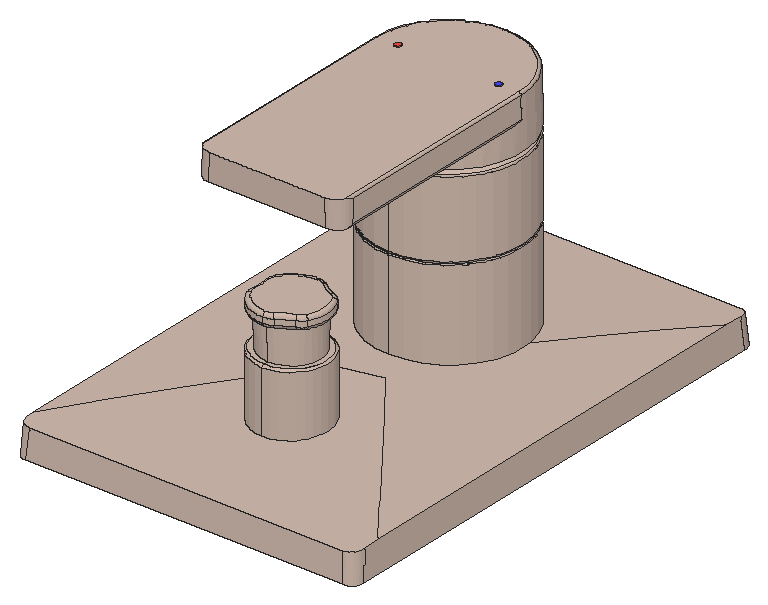
Revit family "Shower-Valve_Trim-KOHLER-Composed-K-73100IN", category Specialty Equipment, host Face, Revit 2017
Family settings
  Host = Face
  Round Connector Dimension = Use Diameter
  Part Type = Normal
  OmniClass Number = 23.31.25.00
  OmniClass Title = Toilet and Bath Specialties
  Cut with Voids When Loaded = No
  Shared = No
  Room Calculation Point = No
Parameters (values of type "RGD- Poilshed rose gold")
  Width = 4 115/256"  # constant formula
  WaterSense Certified = 1 = 0  # no
  URL = "https://www.kohler.co.in/"
  Type = 3
  Product Page URL = "https://www.kohler.co.in/product-detail/73100in-4?skuid=K-73100IN-4-CP"
  Product Name = "Composed"  # constant formula
  Product Documentation Link = "http://resources.kohler.com/plumbing/kohlerindia/pdf/73100.pdf"
  Model = if(Type = 1, "K-73100IN-4-BN", if(Type = 2, "K-73100IN-4-BV", if(Type = 3, "K-73100IN-4-RGD", if(Type = 4, "K-73100IN-4-CP", "NA"))))  # "K-73100IN-4-RGD"
  Material = "Metal construction"  # constant formula
  Master Format 2014 Name = "Toilet, Bath, and Laundry Accessories"  # constant formula
  Master Format 2014 = "10 28 00"  # constant formula
  Manufacturer Address = "Ambience Office Tower NH-8 Gurgaon / Gurugram Haryana , 122001\r\n"  # constant formula
  Manufacturer = "KOHLER Co."  # constant formula
  Length = 3 119/256"  # constant formula
  Height = 6 137/256"  # constant formula
  Finish = Kohler-Metal-RGD-Polished_Rose_Gold
  Environmental Product Declaration = ""
  Description = "40MM RECESSED BATH SHOWER TRIM"  # constant formula
  Default Elevation = 42"
  Declare Label = ""
  Date Modified = "10/13/2020"  # constant formula
  Date Created = "10/13/2020"  # constant formula
  Copyright = "Copyright KOHLER Co."  # constant formula
  Contact Us = "https://www.us.kohler.com/us/static/contact.jsp"
  Assembly Code = "C1030200"
  ADA Compliant = 1 = 0  # no
Types (5): name | Type | Product Page URL | Model | Finish
  (no name) | 3 | "https://www.kohler.co.in/product-detail/73100in-4?skuid=K-73100IN-4-CP" | "K-73100IN-4-RGD" | Kohler-Metal-RGD-Polished_Rose_Gold
  CP- Polished chrome | 4 | "https://www.kohler.co.in/product-detail/73100in-4?skuid=K-73100IN-4-CP" | "K-73100IN-4-CP" | Kohler-Metal-CP-Polished_Chrome
  BN- Vibrant brushed nickel | 1 | "https://www.kohler.co.in/product-detail/73100in-4?skuid=K-73100IN-4-BN" | "K-73100IN-4-BN" | Kohler-Metal-BN-Vibrant_Brushed_Nickel
  BV- Brushed bronze | 2 | "" | "K-73100IN-4-BV" | Kohler-Metal-BV-Brushed_Bronze
  RGD- Poilshed rose gold | 3 | "https://www.kohler.co.in/product-detail/73100in-4?skuid=K-73100IN-4-CP" | "K-73100IN-4-RGD" | Kohler-Metal-RGD-Polished_Rose_Gold
Reference planes (in)
  plane 1 "Center (Front/Back)": y = 0
  plane 2: z = 0
  plane 3 "Center (Left/Right)": x = 0
  plane 4: x = 2.22441
  plane 5: y = 3.26772
  plane 6: y = -3.26744
  plane 7: x = -2.22481
  plane 8: y = 1.04331
  plane 9: y = -1.90945
  plane 10: y = -1.51575
  plane 11: z = 3.46484
Dimensions and locks (in)
  "Width": plane 7 to plane 4
  locked: plane 8 to plane 9 at 2.95276
  locked: plane 8 to plane 10 at 2.55906
  "Height": plane 6 to plane 5
  "Length": level to plane 11
  aligned and locked: plane 2 to host face
  aligned and locked: level to host face
  aligned and locked: plane 1 "Center (Front/Back)" to nested 1
  aligned and locked: plane 3 "Center (Left/Right)" to nested 1
  aligned and locked: plane 4 to nested 1
  aligned and locked: plane 5 to nested 1
  aligned and locked: plane 7 to nested 1
  aligned and locked: plane 8 to nested 1
  aligned and locked: plane 9 to nested 1
  aligned and locked: plane 10 to nested 1
  aligned and locked: plane 11 to nested 1
  aligned and locked: plane 6 to nested 1
Automatic sketch dimensions
  host sketch curve to host sketch curve = 96"  (x2)
Nested families (in)
  nested 1: "K-73100IN" at (0, 0, 0.00028), type "K-73100IN"
Definition of nested family "K-73100IN"
  Parameters (values of type "K-73100IN")
    Material = none
  Reference planes (in)
    plane 1 "Center (Front/Back)": y = 0
    plane 2: z = 0
    plane 3 "Center (Left/Right)": x = 0
    plane 4: y = 3.26772
    plane 5: x = 2.22441
    plane 6: x = -2.22441
    plane 7: y = -3.26772
    plane 8: y = 1.04331
    plane 9: z = 3.46457
    plane 10: y = -1.90945
    plane 11: y = -1.51575
  Forms (in)
    SweptBlend 1, solid, material <- "Material", detail levels medium+fine
      path origin (0, 0, 0) x (0, 1, 0) y (0, 0, 1)
        loop
          line (0, 0) -> (0, 0.59055)
      profile origin (0, 0, 0) x (0, -1, 0) y (1, 0, 0)
        loop
          arc (-3.26772, -2.06693) -> (-3.22159, -2.17828) -> (-3.11024, -2.22441) r 0.15748
          line (-3.11024, -2.22441) -> (3.11024, -2.22441)
          arc (3.11024, -2.22441) -> (3.22159, -2.17828) -> (3.26772, -2.06693) r 0.15748
          line (3.26772, -2.06693) -> (3.26772, 2.06693)
          arc (3.26772, 2.06693) -> (3.22159, 2.17828) -> (3.11024, 2.22441) r 0.15748
          line (3.11024, 2.22441) -> (-3.11024, 2.22441)
          arc (-3.11024, 2.22441) -> (-3.22159, 2.17828) -> (-3.26772, 2.06693) r 0.15748
          line (-3.26772, 2.06693) -> (-3.26772, -2.06693)
      end profile origin (0, 0, 0.59055) x (0, -1, 0) y (1, 0, 0)
        loop
          arc (-3.216, -2.03421) -> (-3.1706, -2.14381) -> (-3.06101, -2.1892) r 0.15499
          line (-3.06101, -2.1892) -> (3.06101, -2.1892)
          arc (3.06101, -2.1892) -> (3.1706, -2.14381) -> (3.216, -2.03421) r 0.15499
          line (3.216, -2.03421) -> (3.216, 2.03421)
          arc (3.216, 2.03421) -> (3.1706, 2.14381) -> (3.06101, 2.1892) r 0.15499
          line (3.06101, 2.1892) -> (-3.06101, 2.1892)
          arc (-3.06101, 2.1892) -> (-3.1706, 2.14381) -> (-3.216, 2.03421) r 0.15499
          line (-3.216, 2.03421) -> (-3.216, -2.03421)
    Extrusion 2, void
      sketch origin (0, 0, 0) x (1, 0, 0) y (0, 0, 1)
        loop
          line (2.22441, 0.39914) -> (2.22441, 0.61898) -> (-2.22441, 0.61898) -> (-2.22441, 0.39039)
          arc (-2.22441, 0.39039) -> (-0.0002, 0.49755) -> (2.22441, 0.39914) r 24.12135
      from -3.93701 to 3.93701
    Extrusion 3, void
      sketch origin (0, 0, 0) x (0, 1, 0) y (0, 0, 1)
        loop
          arc (-3.26772, 0.37124) -> (0.00003, 0.49777) -> (3.26772, 0.36955) r 41.97743
          line (3.26772, 0.36955) -> (3.26772, 0.56977) -> (-3.26772, 0.56977) -> (-3.26772, 0.37124)
      from -2.66999 to 3.2026
    Revolve 4, solid, material <- "Material", detail levels medium+fine
      sketch origin (0, 0, 0) x (0, 1, 0) y (0, 0, 1)
        loop
          line (1.04331, 3.46457) -> (1.04331, 0.36835) -> (2.00787, 0.36835) -> (2.00787, 1.65354)
          arc (2.00787, 1.65354) -> (2.00211, 1.66746) -> (1.98819, 1.67323) r 0.01969
          arc (1.98819, 1.67323) -> (2.00211, 1.67899) -> (2.00787, 1.69291) r 0.01969
          line (2.00787, 1.69291) -> (2.00787, 2.68503)
          arc (2.00787, 2.68503) -> (2.00231, 2.69953) -> (1.98849, 2.7066) r 0.02169
          line (1.98849, 2.7066) -> (1.92658, 2.77559) -> (2.00787, 2.77559) -> (1.99639, 3.43362)
          arc (1.99639, 3.43362) -> (1.98697, 3.45554) -> (1.9649, 3.46457) r 0.0315
          line (1.9649, 3.46457) -> (1.04331, 3.46457)
        axis (1.04331, 3.46457) -> (1.04331, 0.36835)
      angle from 0 to 360
    Extrusion 5, solid, material <- "Material", detail levels medium+fine
      sketch origin (0, 0, 0) x (1, 0, 0) y (0, 0, 1)
        loop
          line (0.92159, 3.46457) -> (-0.92159, 3.46457)
          arc (-0.92159, 3.46457) -> (-0.94367, 3.45554) -> (-0.95308, 3.43362) r 0.0315
          line (-0.95308, 3.43362) -> (-0.95809, 3.14661)
          arc (-0.95809, 3.14661) -> (-0.94906, 3.12399) -> (-0.9266, 3.11457) r 0.0315
          line (-0.9266, 3.11457) -> (0.9266, 3.11457)
          arc (0.9266, 3.11457) -> (0.94906, 3.12399) -> (0.95809, 3.14661) r 0.0315
          line (0.95809, 3.14661) -> (0.95308, 3.43362)
          arc (0.95308, 3.43362) -> (0.94367, 3.45554) -> (0.92159, 3.46457) r 0.0315
      from -1.04331 to 1.90945
    Sweep 6, void
      path in 3D
        loop
          line (0.96076, -1.90945, 2.99359) -> (0.95046, -1.90945, 3.58405)
      profile origin (0.95561, -1.90945, 3.28882) x (-0.999848, 0, -0.017452) y (0, -1, 0)
        loop
          line (0, 0) -> (0, -0.19685)
          arc (0, -0.19685) -> (0.05766, -0.05766) -> (0.19685, 0) r 0.19685
          line (0.19685, 0) -> (0, 0)
    Sweep 7, void
      path in 3D
        loop
          line (-0.96076, -1.90945, 2.99359) -> (-0.95046, -1.90945, 3.58405)
      profile origin (-0.95561, -1.90945, 3.28882) x (-0.999848, 0, 0.017452) y (0, -1, 0)
        loop
          line (0, 0) -> (-0.19685, 0)
          arc (-0.19685, 0) -> (-0.05766, -0.05766) -> (0, -0.19685) r 0.19685
          line (0, -0.19685) -> (0, 0)
    Extrusion 8, solid, material <- "Material", detail levels coarse
      sketch origin (0, 0, 0) x (1, 0, 0) y (0, 1, 0)
        loop
          line (-2.22441, -3.26772) -> (2.22441, -3.26772) -> (2.22441, 3.26772) -> (-2.22441, 3.26772) -> (-2.22441, -3.26772)
      from 0 to 0.52267
    Revolve 9, solid, material <- "Material", detail levels coarse
      sketch origin (0, 0, 0) x (0, 1, 0) y (0, 0, 1)
        loop
          line (1.04331, 3.46457) -> (1.04331, 0.44921) -> (2.00787, 0.44921) -> (2.00787, 3.46457) -> (1.04331, 3.46457)
        axis (1.04331, 3.46457) -> (1.04331, 0.44921)
      angle from 0 to 360
    Extrusion 10, solid, material <- "Material", detail levels coarse
      sketch origin (0, 0, 0) x (1, 0, 0) y (0, 1, 0)
        loop
          line (-0.95493, 0.90733) -> (-0.95493, -1.90945) -> (0.95493, -1.90945) -> (0.95493, 0.90733) -> (-0.95493, 0.90733)
      from 3.11457 to 3.46457
    Revolve 11, solid, material <- "Material", detail levels medium+fine
      sketch origin (0, 0, 0) x (0, 1, 0) y (0, 0, 1)
        loop
          line (-1.99803, 1.25376) -> (-1.99803, 0.2756) -> (-1.51575, 0.2756) -> (-1.51575, 1.73243) -> (-1.91129, 1.73243) -> (-1.90207, 1.27953) -> (-1.97226, 1.27953) -> (-1.99803, 1.25376)
        axis (-1.51575, 0.2756) -> (-1.51575, 1.73243)
      angle from 0 to 360
    Extrusion 12, solid, material <- "Material", detail levels medium+fine
      sketch origin (0, 0, 0) x (1, 0, 0) y (0, 1, 0)
        loop
          arc (0.33766, -1.71955) -> (0.39439, -1.51575) -> (0.33766, -1.31195) r 0.39439
          arc (0.33766, -1.31195) -> (0.31664, -1.28738) -> (0.2888, -1.27093) r 0.0986
          arc (0.2888, -1.27093) -> (0.17326, -1.21565) -> (0.06762, -1.14324) r 0.82883
          arc (0.06762, -1.14324) -> (0.03945, -1.12735) -> (0.00767, -1.12143) r 0.0986
          arc (0.00767, -1.12143) -> (-0.19733, -1.17427) -> (-0.34547, -1.3255) r 0.39439
          arc (-0.34547, -1.3255) -> (-0.35634, -1.3567) -> (-0.35628, -1.38974) r 0.0986
          arc (-0.35628, -1.38974) -> (-0.34555, -1.51575) -> (-0.35628, -1.64176) r 0.74488
          arc (-0.35628, -1.64176) -> (-0.35634, -1.6748) -> (-0.34547, -1.706) r 0.0986
          arc (-0.34547, -1.706) -> (-0.19733, -1.85723) -> (0.00767, -1.91007) r 0.39439
          arc (0.00767, -1.91007) -> (0.03945, -1.90415) -> (0.06762, -1.88826) r 0.0986
          arc (0.06762, -1.88826) -> (0.17326, -1.81584) -> (0.2888, -1.76056) r 0.82883
          arc (0.2888, -1.76056) -> (0.31664, -1.74412) -> (0.33766, -1.71955) r 0.0986
      from 1.73228 to 1.88583
    Sweep 13, solid, material <- "Material", detail levels medium+fine
      path in 3D
        loop
          arc (0.33766, -1.71955, 1.88583) -> (0.31664, -1.74412, 1.88583) -> (0.2888, -1.76056, 1.88583) r 0.0986
          arc (0.2888, -1.76056, 1.88583) -> (0.17326, -1.81584, 1.88583) -> (0.06762, -1.88826, 1.88583) r 0.82883
          arc (0.06762, -1.88826, 1.88583) -> (0.03945, -1.90415, 1.88583) -> (0.00767, -1.91007, 1.88583) r 0.0986
          arc (0.00767, -1.91007, 1.88583) -> (-0.19733, -1.85723, 1.88583) -> (-0.34547, -1.706, 1.88583) r 0.39439
          arc (-0.34547, -1.706, 1.88583) -> (-0.35634, -1.6748, 1.88583) -> (-0.35628, -1.64176, 1.88583) r 0.0986
          arc (-0.35628, -1.64176, 1.88583) -> (-0.34555, -1.51575, 1.88583) -> (-0.35628, -1.38974, 1.88583) r 0.74488
          arc (-0.35628, -1.38974, 1.88583) -> (-0.35634, -1.3567, 1.88583) -> (-0.34547, -1.3255, 1.88583) r 0.0986
          arc (-0.34547, -1.3255, 1.88583) -> (-0.19733, -1.17427, 1.88583) -> (0.00767, -1.12143, 1.88583) r 0.39439
          arc (0.00767, -1.12143, 1.88583) -> (0.03945, -1.12735, 1.88583) -> (0.06762, -1.14324, 1.88583) r 0.0986
          arc (0.06762, -1.14324, 1.88583) -> (0.17326, -1.21565, 1.88583) -> (0.2888, -1.27093, 1.88583) r 0.82883
          arc (0.2888, -1.27093, 1.88583) -> (0.31664, -1.28738, 1.88583) -> (0.33766, -1.31195, 1.88583) r 0.0986
          arc (0.33766, -1.31195, 1.88583) -> (0.39439, -1.51575, 1.88583) -> (0.33766, -1.71955, 1.88583) r 0.39439
      profile origin (0.39439, -1.51575, 1.88583) x (1, 0, 0) y (0, 0, 1)
        loop
          line (0, 0) -> (0, -0.15373) -> (0.04724, -0.15373)
          arc (0.04724, -0.15373) -> (0.06952, -0.1445) -> (0.07874, -0.12223) r 0.0315
          line (0.07874, -0.12223) -> (0.07874, -0.04724)
          arc (0.07874, -0.04724) -> (0.0649, -0.01384) -> (0.0315, 0) r 0.04724
          line (0.0315, 0) -> (0, 0)
    Revolve 14, solid, material <- "Material", detail levels coarse
      sketch origin (0, 0, 0) x (0, 1, 0) y (0, 0, 1)
        loop
          line (-1.51575, 0.52267) -> (-1.03459, 0.52267) -> (-1.03459, 1.27953) -> (-1.11875, 1.27953) -> (-1.11875, 1.73182) -> (-1.03459, 1.73182) -> (-1.03459, 1.88696) -> (-1.51575, 1.88696) -> (-1.51575, 0.52267)
        axis (-1.51575, 0.52267) -> (-1.51575, 1.88696)
      angle from 0 to 360
    Extrusion 15, solid, detail levels medium+fine
      sketch origin (0, 0, 0) x (1, 0, 0) y (0, 1, 0)
        loop
          circle (-0.65717, 1.04331) r 0.03937
      from 3.36711 to 3.46486
    Extrusion 16, solid, detail levels medium+fine
      sketch origin (0, 0, 0) x (-1, 0, 0) y (0, -1, 0)
        loop
          circle (-0.65717, -1.04331) r 0.03937
      from 3.36711 to 3.46486
  Cuts and joins
    joined: Extrusion 8, Revolve 9, Extrusion 10, Revolve 14
    Extrusion 2, Extrusion 3 cuts SweptBlend 1
    Sweep 6, Sweep 7 cuts Revolve 4
    Sweep 6, Sweep 7 cuts Extrusion 5
    joined: SweptBlend 1, Revolve 4, Extrusion 5, Revolve 11, Extrusion 12, Sweep 13
  Lines and regions (in)
    Masking region 1
      outline origin (0, 0, 0) x (1, 0, 0) y (0, 1, 0)
        loop
          arc (-2.06693, 3.26772) -> (-2.17828, 3.22159) -> (-2.22441, 3.11024) r 0.15748
          line (-2.22441, 3.11024) -> (-2.22441, -3.11024)
          arc (-2.22441, -3.11024) -> (-2.17828, -3.22159) -> (-2.06693, -3.26772) r 0.15748
          line (-2.06693, -3.26772) -> (2.06693, -3.26772)
          arc (2.06693, -3.26772) -> (2.17828, -3.22159) -> (2.22441, -3.11024) r 0.15748
          line (2.22441, -3.11024) -> (2.22441, 3.11024)
          arc (2.22441, 3.11024) -> (2.17828, 3.22159) -> (2.06693, 3.26772) r 0.15748
          line (2.06693, 3.26772) -> (-2.06693, 3.26772)
    Masking region 2
      outline origin (0, 0, 0) x (1, 0, 0) y (0, 0, 1)
        loop
          line (0, 3.46457) -> (-0.92159, 3.46457)
          arc (-0.92159, 3.46457) -> (-0.94367, 3.45554) -> (-0.95308, 3.43362) r 0.0315
          line (-0.95308, 3.43362) -> (-0.96457, 2.77559) -> (-0.88328, 2.77559) -> (-0.94518, 2.7066)
          arc (-0.94518, 2.7066) -> (-0.95901, 2.69953) -> (-0.96457, 2.68503) r 0.02169
          line (-0.96457, 2.68503) -> (-0.96457, 1.69291)
          arc (-0.96457, 1.69291) -> (-0.9588, 1.67899) -> (-0.94488, 1.67323) r 0.01969
          arc (-0.94488, 1.67323) -> (-0.9588, 1.66746) -> (-0.96457, 1.65354) r 0.01969
          line (-0.96457, 1.65354) -> (-0.96457, 0.47637)
          arc (-0.96457, 0.47637) -> (-1.56654, 0.44433) -> (-2.16742, 0.3958) r 21.97337
          arc (-2.16742, 0.3958) -> (-2.19203, 0.38395) -> (-2.20301, 0.35894) r 0.03937
          line (-2.20301, 0.35894) -> (-2.22441, 0) -> (2.22441, 0) -> (2.20301, 0.35894)
          arc (2.20301, 0.35894) -> (2.19203, 0.38395) -> (2.16742, 0.3958) r 0.03937
          arc (2.16742, 0.3958) -> (1.56654, 0.44433) -> (0.96457, 0.47637) r 21.97337
          line (0.96457, 0.47637) -> (0.96457, 1.65354)
          arc (0.96457, 1.65354) -> (0.9588, 1.66746) -> (0.94488, 1.67323) r 0.01969
          arc (0.94488, 1.67323) -> (0.9588, 1.67899) -> (0.96457, 1.69291) r 0.01969
          line (0.96457, 1.69291) -> (0.96457, 2.68503)
          arc (0.96457, 2.68503) -> (0.95901, 2.69953) -> (0.94518, 2.7066) r 0.02169
          line (0.94518, 2.7066) -> (0.88328, 2.77559) -> (0.96457, 2.77559) -> (0.95308, 3.43362)
          arc (0.95308, 3.43362) -> (0.94367, 3.45554) -> (0.92159, 3.46457) r 0.0315
          line (0.92159, 3.46457) -> (0, 3.46457)
    Masking region 3
      outline origin (0, 0, 0) x (0, 1, 0) y (0, 0, 1)
        loop
          line (3.26772, 0) -> (3.23804, 0.33883)
          arc (3.23804, 0.33883) -> (3.22651, 0.36339) -> (3.20183, 0.37465) r 0.03937
          arc (3.20183, 0.37465) -> (2.60512, 0.41618) -> (2.00787, 0.44921) r 41.97743
          line (2.00787, 0.44921) -> (2.00787, 1.65354)
          arc (2.00787, 1.65354) -> (2.00211, 1.66746) -> (1.98819, 1.67323) r 0.01969
          arc (1.98819, 1.67323) -> (2.00211, 1.67899) -> (2.00787, 1.69291) r 0.01969
          line (2.00787, 1.69291) -> (2.00787, 2.68503)
          arc (2.00787, 2.68503) -> (2.00231, 2.69953) -> (1.98849, 2.7066) r 0.02169
          line (1.98849, 2.7066) -> (1.92658, 2.77559) -> (2.00787, 2.77559) -> (1.99639, 3.43362)
          arc (1.99639, 3.43362) -> (1.98697, 3.45554) -> (1.9649, 3.46457) r 0.0315
          line (1.9649, 3.46457) -> (1.04331, 3.46457) -> (0.12172, 3.46457) -> (-1.87795, 3.46457)
          arc (-1.87795, 3.46457) -> (-1.90022, 3.45534) -> (-1.90945, 3.43307) r 0.0315
          line (-1.90945, 3.43307) -> (-1.90945, 3.14606)
          arc (-1.90945, 3.14606) -> (-1.90022, 3.12379) -> (-1.87795, 3.11457) r 0.0315
          line (-1.87795, 3.11457) -> (-0.0155, 3.11457)
          arc (-0.0155, 3.11457) -> (0.0547, 3.08513) -> (0.08291, 3.01442) r 0.09843
          line (0.08291, 3.01442) -> (0.07874, 2.77559) -> (0.16003, 2.77559) -> (0.09813, 2.7066)
          arc (0.09813, 2.7066) -> (0.0843, 2.69953) -> (0.07874, 2.68503) r 0.02169
          line (0.07874, 2.68503) -> (0.07874, 1.69291)
          arc (0.07874, 1.69291) -> (0.08451, 1.67899) -> (0.09843, 1.67323) r 0.01969
          arc (0.09843, 1.67323) -> (0.08451, 1.66746) -> (0.07874, 1.65354) r 0.01969
          line (0.07874, 1.65354) -> (0.07874, 0.49768)
          arc (0.07874, 0.49768) -> (-0.4774, 0.49518) -> (-1.03347, 0.48532) r 41.97743
          line (-1.03347, 0.48532) -> (-1.03347, 1.25376) -> (-1.05924, 1.27953) -> (-1.12942, 1.27953) -> (-1.12021, 1.7321) -> (-1.07411, 1.7321)
          arc (-1.07411, 1.7321) -> (-1.05184, 1.74132) -> (-1.04261, 1.76359) r 0.0315
          line (-1.04261, 1.76359) -> (-1.04261, 1.84646)
          arc (-1.04261, 1.84646) -> (-1.05415, 1.8743) -> (-1.08198, 1.88583) r 0.03937
          line (-1.08198, 1.88583) -> (-1.51575, 1.88583) -> (-1.94951, 1.88583)
          arc (-1.94951, 1.88583) -> (-1.97735, 1.8743) -> (-1.98888, 1.84646) r 0.03937
          line (-1.98888, 1.84646) -> (-1.98888, 1.76359)
          arc (-1.98888, 1.76359) -> (-1.97966, 1.74132) -> (-1.95739, 1.7321) r 0.0315
          line (-1.95739, 1.7321) -> (-1.91128, 1.7321) -> (-1.90207, 1.27953) -> (-1.97226, 1.27953) -> (-1.99803, 1.25376) -> (-1.99803, 0.45071)
          arc (-1.99803, 0.45071) -> (-2.60012, 0.41785) -> (-3.20167, 0.37633) r 41.97743
          arc (-3.20167, 0.37633) -> (-3.22636, 0.36507) -> (-3.23789, 0.34051) r 0.03937
          line (-3.23789, 0.34051) -> (-3.26772, 0) -> (3.26772, 0)
    sketch lines
      curve 1: line (0.96076, -1.90945, 2.99359) -> (0.95046, -1.90945, 3.58405)
      curve 2: line (-0.96076, -1.90945, 2.99359) -> (-0.95046, -1.90945, 3.58405)
      curve 37: arc (0.33766, -1.31195, 1.88583) -> (0.39439, -1.51575, 1.88583) -> (0.33766, -1.71955, 1.88583) r 0.39439
      curve 38: arc (0.2888, -1.27093, 1.88583) -> (0.31664, -1.28738, 1.88583) -> (0.33766, -1.31195, 1.88583) r 0.0986
      curve 39: arc (0.06762, -1.14324, 1.88583) -> (0.17326, -1.21565, 1.88583) -> (0.2888, -1.27093, 1.88583) r 0.82883
      curve 40: arc (0.00767, -1.12143, 1.88583) -> (0.03945, -1.12735, 1.88583) -> (0.06762, -1.14324, 1.88583) r 0.0986
      curve 41: arc (-0.34547, -1.3255, 1.88583) -> (-0.19733, -1.17427, 1.88583) -> (0.00767, -1.12143, 1.88583) r 0.39439
      curve 42: arc (-0.35628, -1.64176, 1.88583) -> (-0.34555, -1.51575, 1.88583) -> (-0.35628, -1.38974, 1.88583) r 0.74488
      curve 43: arc (-0.35628, -1.38974, 1.88583) -> (-0.35634, -1.3567, 1.88583) -> (-0.34547, -1.3255, 1.88583) r 0.0986
      curve 44: arc (-0.34547, -1.706, 1.88583) -> (-0.35634, -1.6748, 1.88583) -> (-0.35628, -1.64176, 1.88583) r 0.0986
      curve 45: arc (0.00767, -1.91007, 1.88583) -> (-0.19733, -1.85723, 1.88583) -> (-0.34547, -1.706, 1.88583) r 0.39439
      curve 46: arc (0.06762, -1.88826, 1.88583) -> (0.03945, -1.90415, 1.88583) -> (0.00767, -1.91007, 1.88583) r 0.0986
      curve 47: arc (0.2888, -1.76056, 1.88583) -> (0.17326, -1.81584, 1.88583) -> (0.06762, -1.88826, 1.88583) r 0.82883
      curve 48: arc (0.33766, -1.71955, 1.88583) -> (0.31664, -1.74412, 1.88583) -> (0.2888, -1.76056, 1.88583) r 0.0986
    symbolic lines, detail levels medium+fine
      curve 3: line (0, 1.99648, 3.43572) -> (0, -1.90945, 3.43572)
      curve 4: line (0, 1.04324, 3.1469) -> (0, -1.90945, 3.1469)
      curve 5: line (0, -1.71148, 3.46457) -> (0, -1.71148, 3.11457)
      curve 6: line (0, 1.92658, 2.77559) -> (0, 0.16003, 2.77559)
      curve 7: line (0, 1.98849, 2.7066) -> (0, 0.09813, 2.7066)
      curve 8: line (0, 2.00787, 2.67987) -> (0, 0.07874, 2.67987)
      curve 9: line (0, 1.98819, 1.67323) -> (0, 0.09843, 1.67323)
      curve 10: line (0, 2.00787, 1.69291) -> (0, 0.07874, 1.69291)
      curve 11: line (0, 2.00787, 1.65354) -> (0, 0.07874, 1.65354)
      curve 12: line (-2.05051, 3.23513, 0) -> (2.05053, 3.23513, 0)
      curve 13: line (-2.201, -3.09001, 0) -> (-2.201, 3.09149, 0)
      curve 14: spline (-2.201, 3.09149, 0) -> (-2.19843, 3.11026, 0) -> (-2.19357, 3.12858, 0) -> (-2.18652, 3.14618, 0) -> (-2.17738, 3.16279, 0) -> (-2.16627, 3.17816, 0) -> (-2.15337, 3.19207, 0) -> (-2.13887, 3.20432, 0) -> (-2.12298, 3.21471, 0) -> (-2.10594, 3.22309, 0) -> (-2.088, 3.22935, 0) -> (-2.06943, 3.23338, 0) -> (-2.05051, 3.23513, 0)
      curve 15: spline (2.05053, 3.23513, 0) -> (2.06899, 3.23345, 0) -> (2.08712, 3.2296, 0) -> (2.10466, 3.22363, 0) -> (2.12137, 3.21562, 0) -> (2.137, 3.20569, 0) -> (2.15134, 3.19398, 0) -> (2.16419, 3.18066, 0) -> (2.17535, 3.16591, 0) -> (2.18468, 3.14993, 0) -> (2.19205, 3.13297, 0) -> (2.19734, 3.11526, 0) -> (2.20048, 3.09704, 0)
      curve 16: line (2.20048, 3.09704, 0) -> (2.20048, -3.09601, 0)
      curve 17: line (2.0504, -3.23498, 0) -> (-2.05042, -3.23498, 0)
      curve 18: spline (-2.05042, -3.23498, 0) -> (-2.06945, -3.23322, 0) -> (-2.08812, -3.22915, 0) -> (-2.10615, -3.22282, 0) -> (-2.12327, -3.21435, 0) -> (-2.13922, -3.20384, 0) -> (-2.15376, -3.19147, 0) -> (-2.16667, -3.17742, 0) -> (-2.17776, -3.16189, 0) -> (-2.18686, -3.14513, 0) -> (-2.19383, -3.12738, 0) -> (-2.19857, -3.10891, 0) -> (-2.201, -3.09001, 0)
      curve 19: spline (2.20048, -3.09601, 0) -> (2.19743, -3.11432, 0) -> (2.1922, -3.13213, 0) -> (2.18488, -3.1492, 0) -> (2.17558, -3.16527, 0) -> (2.16441, -3.18012, 0) -> (2.15156, -3.19354, 0) -> (2.13719, -3.20533, 0) -> (2.12151, -3.21534, 0) -> (2.10474, -3.2234, 0) -> (2.08714, -3.22942, 0) -> (2.06894, -3.23329, 0) -> (2.0504, -3.23498, 0)
      curve 20: line (-0.96457, 1.04331, 0) -> (-0.96457, -1.7185, 0)
      curve 21: line (-0.93307, 1.04329, 0) -> (-0.93307, -1.70079, 0)
      curve 22: line (0, -1.90945, 0) -> (-0.77362, -1.90945, 0)
      curve 23: arc (-0.96457, -1.7185, 0) -> (-0.90864, -1.85352, 0) -> (-0.77362, -1.90945, 0) r 0.19095
      curve 24: line (0, -1.87795, 0) -> (-0.75591, -1.87795, 0)
      curve 25: line (0.96457, 1.04331, 0) -> (0.96457, -1.7185, 0)
      curve 26: arc (0.96457, -1.7185, 0) -> (0.90864, -1.85352, 0) -> (0.77362, -1.90945, 0) r 0.19095
      curve 27: line (0, -1.90945, 0) -> (0.77362, -1.90945, 0)
      curve 28: line (0.95308, 0, 3.43362) -> (-0.95308, 0, 3.43362)
      curve 29: line (0.88328, 0, 2.77559) -> (-0.88328, 0, 2.77559)
      curve 30: line (0.94518, 0, 2.7066) -> (-0.94518, 0, 2.7066)
      curve 31: line (0.96451, 0, 2.68658) -> (-0.96451, 0, 2.68658)
      curve 32: line (0.94488, 0, 1.67323) -> (-0.94488, 0, 1.67323)
      curve 33: line (-2.20302, 0, 0.35876) -> (2.20302, 0, 0.35876)
      curve 34: line (0.96457, 0, 1.69336) -> (-0.96457, 0, 1.69336)
      curve 35: line (0.96457, 0, 1.65309) -> (-0.96457, 0, 1.65309)
      curve 36: arc (-0.96457, 1.04331, 0) -> (0, 2.00787, 0) -> (0.96457, 1.04331, 0) r 0.96457
      curve 49: arc (-0.93307, -1.70079, 0) -> (-0.88118, -1.82606, 0) -> (-0.75591, -1.87795, 0) r 0.17717
      curve 50: line (0.93307, 1.04329, 0) -> (0.93307, -1.70079, 0)
      curve 51: line (0, -1.87795, 0) -> (0.75591, -1.87795, 0)
      curve 52: arc (0.93307, -1.70079, 0) -> (0.88118, -1.82606, 0) -> (0.75591, -1.87795, 0) r 0.17717
      curve 53: arc (-0.93307, 1.04329, 0) -> (0, 1.97636, 0) -> (0.93307, 1.04329, 0) r 0.93307
      curve 54: circle (-0.65717, 1.04331, 0) r 0.03937 normal (0, 0, 1)
      curve 55: circle (0.65717, 1.04331, 0) r 0.03937 normal (0, 0, -1)
      curve 56: arc (-0.27843, -1.90945, 0) -> (0, -1.99795, 0) -> (0.27843, -1.90945, 0) r 0.4822
      curve 57: arc (-0.26283, -1.90945, 0) -> (-0.12262, -1.97296, 0) -> (0.03055, -1.98813, 0) r 0.47337
      curve 58: arc (0.03055, -1.98813, 0) -> (0.07158, -1.97871, 0) -> (0.10752, -1.95678, 0) r 0.13121
      curve 59: arc (0.10752, -1.95678, 0) -> (0.13823, -1.9321, 0) -> (0.17046, -1.90945, 0) r 0.61243
      curve 60: arc (0.96457, 0, 0.47637) -> (0, 0, 0.44873) -> (-0.96457, 0, 0.47637) r 16.84737
      curve 61: line (-2.16742, 0, 0.3958) -> (2.16742, 0, 0.3958)
      curve 62: line (2.06693, 0, 0) -> (2.06693, 0, 0.3958)
      curve 63: line (-2.06693, 0, 0) -> (-2.06693, 0, 0.3958)
      curve 64: line (0, 0.08291, 3.01442) -> (0, 0.61339, 3.01442)
      curve 65: line (0, -0.0155, 3.11457) -> (0, 0.99028, 3.11457)
      curve 66: arc (0, 0.61339, 3.01442) -> (0, 0.83829, 3.04829) -> (0, 1.04324, 3.1469) r 0.76364
      curve 67: arc (0, 2.00787, 0.44921) -> (0, 1.04288, 0.45625) -> (0, 0.07874, 0.49768) r 27.07022
      curve 68: line (0, -1.10362, 1.7321) -> (0, -1.91128, 1.7321)
      curve 69: line (0, -1.12942, 1.27953) -> (0, -1.90207, 1.27953)
      curve 70: line (0, -1.03347, 1.25376) -> (0, -1.99803, 1.25376)
      curve 71: line (0, -1.04261, 1.84646) -> (0, -1.98888, 1.84646)
      curve 72: line (0, -1.04261, 1.76359) -> (0, -1.98888, 1.76359)
      curve 73: line (0, -1.41693, 1.88583) -> (0, -1.41693, 1.7321)
      curve 74: line (0, -1.50181, 1.88583) -> (0, -1.50181, 1.7321)
      curve 75: line (0, -1.10362, 1.88583) -> (0, -1.10362, 1.7321)
      curve 76: line (0, -1.93486, 1.88583) -> (0, -1.93486, 1.7321)
      curve 77: arc (0, -1.03341, 0.48532) -> (0, -1.51554, 0.46286) -> (0, -1.99803, 0.45071) r 22.56257
      curve 78: line (0, 3.20183, 0.37465) -> (0, -3.21041, 0.37465)
      curve 79: line (0, -3.23789, 0.34051) -> (0, 3.23789, 0.34051)
      curve 80: line (0, 3.11024, 0) -> (0, 3.11024, 0.37465)
      curve 81: line (0, -3.11024, 0) -> (0, -3.11024, 0.37465)
      curve 82: arc (0, 0.61339, 3.01442) -> (0, 0.61923, 3.08066) -> (0, 0.61339, 3.1469) r 0.37799
  Dimensions and locks (in)
    plane 6 to plane 5 = 4.44882"
    plane 4 to plane 7 = 6.53543"
    plane 10 to plane 8 = 2.95276"
    plane 9 to level = 3.46457"
    locked: plane 9 to level at 3.46457
    plane 8 to plane 11 = 2.55906"
    aligned and locked: plane 2 to level
